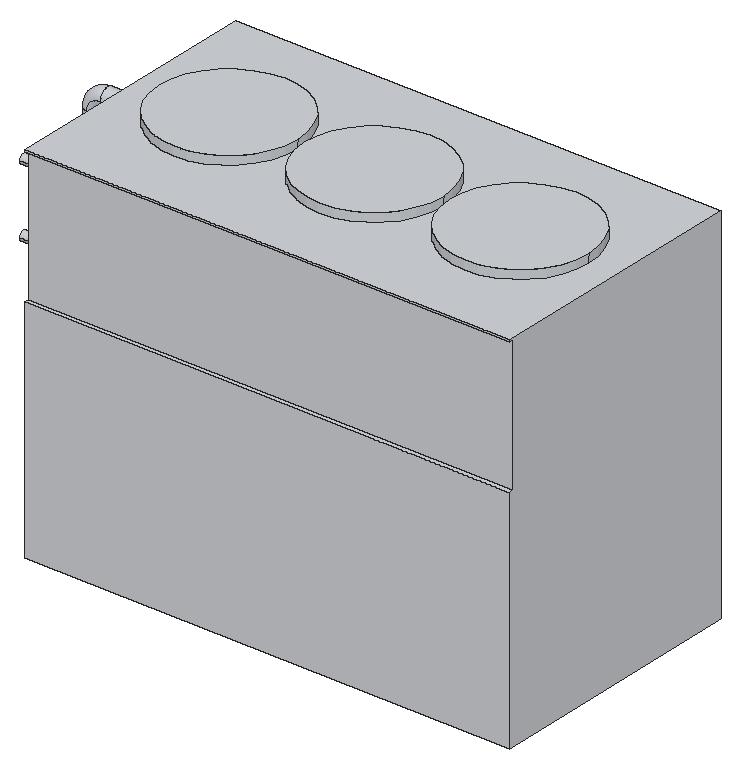
Revit family "M_Cooling Tower - Closed Circuit - Counterflow - 67-189 kW", category Mechanical Equipment, Revit 2023
Family settings
  Round Connector Dimension = Use Radius
  Part Type = Normal
  Work Plane-Based = No
  Always vertical = Yes
  Cut with Voids When Loaded = No
  Maintain Annotation Orientation = No
  Shared = No
  Room Calculation Point = No
Parameters (values of type "177 kW")
  Voltage = 460 V
  Visible 2 = yes
  Visible 1 = no
  Tower Width = 2990 mm
  Tower Material = none
  Tower Length = 5500 mm
  Tower Height = 4250 mm
  Radius 2 = Tower Length / 7  # 785.714 mm
  Radius 1 = Tower Length / 5  # 1100 mm
  Make-up Water Pressure Drop [instance] = 0.0 Pa
  Default Elevation = 0 mm
  Cooling Water Pressure Drop [instance] = 448000.0 Pa
  Number of Poles = 3
  Number of Fans = 3
  Motor HP = 67.5
  Make-up Water Radius = 25 mm
  Make-up Water Flow [instance] = 0.05 * Cooling Water Flow / 100  # 0.0325 L/s
  Length 2 = 530 mm
  Length 1 = 630 mm
  Height 1 = 2600 mm
  Heat Loss [instance] = 177000 W
  Fan Air Flow [instance] = 51300.0 L/s
  Drain Radius = 50 mm
  Distance 2 = 780 mm
  Distance 1 = 1450 mm
  Cooling Water Radius = Cooling Water Diameter / 2  # 50 mm
  Cooling Water Flow [instance] = 65.0 L/s
  Cooling Water Diameter = 100 mm
  C6 Offset 2 = 95 mm
  C6 Offset 1 = 600 mm
  C5 Offset 2 = 790 mm
  C5 Offset 1 = 1270 mm
  C4 Offset 2 = 120 mm
  C1 Offset 1 = 770 mm
  Assembly Code = ""
  Apparent Load = 42300 VA
Reference planes
  plane 1 "Center (Front/Back)": y = 0
  plane 2: z = 0
  plane 3 "Center (Left/Right)": x = 0
  plane 4: x = 5500
  plane 5: y = 2990
  plane 6: x = -630
  plane 7 "2": x = -426.8
  plane 8 "1": y = 2786.8
  plane 9: z = 95
  plane 10: z = 4250
  plane 11: z = 196.6
  plane 12: z = 349
  plane 13: z = 399.8
  plane 14: z = 653.8
  plane 15: z = 1009.4
  plane 16: x = -274.4
  plane 17: y = 50.8
  plane 18: z = 2600
  plane 19: z = 4126.175
  plane 20: z = 4151.575
  plane 21: y = 1720
  plane 22 "3": y = 1516.8
  plane 23: y = 1669.2
  plane 24: z = 526.8
  plane 25: z = 679.2
  plane 26: z = 4024.575
  plane 27: z = 3922.975
  plane 28: z = 3770.575
  plane 29: z = 2720
  plane 30: z = 3500
  plane 31: y = 2220
  plane 32: y = 770
  plane 33: z = 790
  plane 34: y = 2390
  plane 35: x = -50.8
  plane 36: x = 5373
  plane 37: x = 127
  plane 38: z = 2473
  plane 39: z = 127
  plane 40: z = 2137.857
  plane 41: z = 1802.714
  plane 42: z = 1467.571
  plane 43: z = 1132.429
  plane 44: z = 797.286
  plane 45: z = 462.143
  plane 46: x = 1100
  plane 47: x = 2200
  plane 48: x = 3300
  plane 49: x = 4400
  plane 50: y = 1520.4
  plane 51: x = 1375
  plane 52: x = 2750
  plane 53: x = 4125
Forms (mm)
  Sweep 1, solid, material <- "Tower Material", detail levels medium+fine
    path in 3D
      loop
        arc (-426.8, 2786.8, 349) -> (-382.163, 2786.8, 241.237) -> (-274.4, 2786.8, 196.6) r 152.4
        line (-274.4, 2786.8, 196.6) -> (0, 2786.8, 196.6)
    profile origin (-137.2, 2786.8, 196.6) x (0, 0, -1) y (0, 1, 0)
      loop
        circle (0, 0) r 101.6
  Extrusion 2, solid, material <- "Tower Material"
    sketch origin (0, 0, 0) x (0, 1, 0) y (0, 0, 1)
      loop
        line (2990, 4151.575) -> (0, 4151.575) -> (0, 4126.175) -> (50.8, 4126.175) -> (50.8, 2600) -> (0, 2600) -> (0, 0) -> (2990, 0) -> (2990, 4151.575)
    from 5500 to 0
  Extrusion 3, solid, material <- "Tower Material", detail levels medium+fine
    sketch origin (0, 0, 0) x (1, 0, 0) y (0, 1, 0)
      loop
        circle (-426.8, 2786.8) r 203.2
    from 399.8 to 653.8
  Extrusion 4, solid, material <- "Tower Material", detail levels medium+fine
    sketch origin (0, 0, 0) x (1, 0, 0) y (0, 1, 0)
      loop
        circle (-426.8, 2786.8) r 152.4
    from 349 to 1009.4
  Sweep 5, solid, material <- "Tower Material", detail levels medium+fine
    path in 3D
      loop
        line (-426.8, 2786.8, 526.8) -> (-426.8, 1669.2, 526.8)
        arc (-426.8, 1669.2, 526.8) -> (-426.8, 1561.437, 571.437) -> (-426.8, 1516.8, 679.2) r 152.4
        line (-426.8, 1516.8, 679.2) -> (-426.8, 1516.8, 3770.575)
        arc (-426.8, 1516.8, 3770.575) -> (-382.163, 1516.8, 3878.338) -> (-274.4, 1516.8, 3922.975) r 152.4
        line (-274.4, 1516.8, 3922.975) -> (0, 1516.8, 3922.975)
    profile origin (-426.8, 2228, 526.8) x (0, 0, -1) y (1, 0, 0)
      loop
        circle (0, 0) r 101.6
  Extrusion 6, solid, material <- "Tower Material"
    sketch origin (-426.8, 0, 0) x (0, 1, 0) y (0, 0, 1)
      loop
        circle (2220, 3500) r 50
      loop
        circle (770, 3500) r 50
      loop
        circle (770, 2720) r 50
      loop
        circle (2220, 2720) r 50
    from -203.2 to 426.8
  Extrusion 7, solid, material <- "Tower Material"
    sketch origin (-426.8, 0, 0) x (0, 1, 0) y (0, 0, 1)
      loop
        circle (2220, 1009.4) r 228.6
      loop
        circle (1720, 790) r 25
      loop
        circle (2390, 95) r 50
    from 376 to 426.8
  Extrusion 8, solid, material <- "Tower Material", visible <- "Visible 2"
    sketch origin (0, 0, 0) x (1, 0, 0) y (0, 1, 0)
      loop
        circle (4400, 1520.4) r 785.714
      loop
        circle (2750, 1520.4) r 785.714
      loop
        circle (1100, 1520.4) r 785.714
    from 4151.575 to 4250
  Extrusion 9, solid, material <- "Tower Material", visible <- "Visible 1"
    sketch origin (0, 0, 0) x (1, 0, 0) y (0, 1, 0)
      loop
        circle (1375, 1520.4) r 1100
      loop
        circle (4125, 1520.4) r 1100
    from 4151.575 to 4250
Cuts and joins
  joined: Sweep 1, Extrusion 3, Extrusion 4, Sweep 5
  joined: Extrusion 2, Extrusion 6, Extrusion 7
Lines and regions (mm)
  reference lines
    curve 1: arc (-426.8, 2786.8, 349) -> (-382.163, 2786.8, 241.237) -> (-274.4, 2786.8, 196.6) r 152.4
    curve 2: line (-274.4, 2786.8, 196.6) -> (0, 2786.8, 196.6)
    curve 5: line (-426.8, 2786.8, 526.8) -> (-426.8, 1669.2, 526.8)
    curve 6: arc (-426.8, 1669.2, 526.8) -> (-426.8, 1561.437, 571.437) -> (-426.8, 1516.8, 679.2) r 152.4
    curve 7: line (-426.8, 1516.8, 679.2) -> (-426.8, 1516.8, 3770.575)
    curve 8: arc (-426.8, 1516.8, 3770.575) -> (-382.163, 1516.8, 3878.338) -> (-274.4, 1516.8, 3922.975) r 152.4
    curve 9: line (-274.4, 1516.8, 3922.975) -> (0, 1516.8, 3922.975)
  sketch lines
    curve 3: line (-274.4, 2786.8, 196.6) -> (0, 2786.8, 196.6)
    curve 4: arc (-426.8, 2786.8, 349) -> (-382.163, 2786.8, 241.237) -> (-274.4, 2786.8, 196.6) r 152.4
    curve 10: line (-426.8, 2786.8, 526.8) -> (-426.8, 1669.2, 526.8)
    curve 11: arc (-426.8, 1669.2, 526.8) -> (-426.8, 1561.437, 571.437) -> (-426.8, 1516.8, 679.2) r 152.4
    curve 12: line (-426.8, 1516.8, 679.2) -> (-426.8, 1516.8, 3770.575)
    curve 13: arc (-426.8, 1516.8, 3770.575) -> (-382.163, 1516.8, 3878.338) -> (-274.4, 1516.8, 3922.975) r 152.4
    curve 14: line (-274.4, 1516.8, 3922.975) -> (0, 1516.8, 3922.975)
  model lines, detail levels medium+fine
    curve 15: line (127, 0, 2473) -> (5373, 0, 2473)
    curve 16: line (127, 0, 127) -> (127, 0, 2473)
    curve 17: line (5373, 0, 127) -> (127, 0, 127)
    curve 18: line (5373, 0, 2473) -> (5373, 0, 127)
    curve 19: line (127, 0, 2137.857) -> (5373, 0, 2137.857)
    curve 20: line (5373, 0, 1802.714) -> (127, 0, 1802.714)
    curve 21: line (127, 0, 1467.571) -> (5373, 0, 1467.571)
    curve 22: line (5373, 0, 1132.429) -> (127, 0, 1132.429)
    curve 23: line (5373, 0, 797.286) -> (127, 0, 797.286)
    curve 24: line (5373, 0, 462.143) -> (127, 0, 462.143)
Dimensions and locks
  "Tower Length": plane 3 "Center (Left/Right)" to plane 4
  "Tower Width": plane 1 "Center (Front/Back)" to plane 5
  "Length 1": plane 6 to plane 3 "Center (Left/Right)"
  locked: plane 6 to plane 7 "2" at 203.2
  locked: plane 5 to plane 8 "1" at 203.2
  "C6 Offset 2": plane 9 to plane 2
  "Tower Height": plane 10 to plane 2
  locked: plane 11 to plane 9 at 101.6
  locked: plane 12 to plane 11 at 152.4
  locked: plane 13 to plane 12 at 50.8
  locked: plane 14 to plane 13 at 254
  locked: plane 15 to plane 14 at 355.6
  locked: plane 16 to plane 7 "2" at 152.4
  locked: plane 1 "Center (Front/Back)" to plane 17 at 50.8
  "Height 1": plane 18 to plane 2
  locked: plane 10 to plane 19 at 123.825
  locked: plane 20 to plane 19 at 25.4
  locked: plane 21 to plane 22 "3" at 203.2
  "C5 Offset 1": plane 5 to plane 21
  locked: plane 23 to plane 22 "3" at 152.4
  equal spacing: plane 14, plane 24, plane 13
  locked: plane 25 to plane 24 at 152.4
  locked: plane 19 to plane 26 at 101.6
  locked: plane 26 to plane 27 at 101.6
  locked: plane 26 to plane 28 at 254
  "C4 Offset 2": plane 29 to plane 18
  "Distance 2": plane 29 to plane 30
  "C1 Offset 1": plane 5 to plane 31
  "Distance 1": plane 31 to plane 32
  "C5 Offset 2": plane 33 to plane 2
  "C6 Offset 1": plane 5 to plane 34
  locked: plane 35 to plane 3 "Center (Left/Right)" at 50.8
  locked: plane 39 to plane 2 at 127
  locked: plane 18 to plane 38 at 127
  locked: plane 4 to plane 36 at 127
  locked: plane 37 to plane 3 "Center (Left/Right)" at 127
  equal spacing: plane 38, plane 40, plane 41, plane 42, plane 43, plane 44, plane 45, plane 39
  equal spacing: plane 3 "Center (Left/Right)", plane 46, plane 47, plane 48, plane 49, plane 4
  equal spacing: plane 5, plane 50, plane 17
  equal spacing: plane 3 "Center (Left/Right)", plane 51, plane 52, plane 53, plane 4
  radius of Sweep 1 sketch curve = 101.6 mm
  radius of Extrusion 3 sketch curve = 203.2 mm
  radius of Extrusion 4 sketch curve = 152.4 mm
  radius of curve 6 = 152.4 mm
  radius of curve 8 = 152.4 mm
  radius of Sweep 5 sketch curve = 101.6 mm
  "Cooling Water Radius": radius of Extrusion 6 sketch curve  (x4)
  radius of Extrusion 7 sketch curve = 228.6 mm
  "Make-up Water Radius": radius of Extrusion 7 sketch curve
  "Drain Radius": radius of Extrusion 7 sketch curve
  "Radius 2": radius of Extrusion 8 sketch curve  (x3)
  "Radius 1": radius of Extrusion 9 sketch curve  (x2)
  aligned and locked: plane 20 to Extrusion 2 sketch curve
  aligned and locked: plane 1 "Center (Front/Back)" to Extrusion 2 sketch curve  (x2)
  aligned and locked: Extrusion 2 sketch curve to plane 19
  aligned and locked: plane 17 to Extrusion 2 sketch curve
  aligned and locked: plane 18 to Extrusion 2 sketch curve
  aligned and locked: Extrusion 2 sketch curve to plane 2
  aligned and locked: Extrusion 2 sketch curve to plane 5
  aligned and locked: plane 4 to Extrusion 2
  aligned and locked: Extrusion 2 to plane 3 "Center (Left/Right)"
  aligned and locked: plane 7 "2" to Extrusion 3 sketch curve
  aligned and locked: plane 8 "1" to Extrusion 3 sketch curve
  aligned and locked: plane 13 to Extrusion 3
  aligned and locked: plane 14 to Extrusion 3
  aligned and locked: plane 7 "2" to Extrusion 4 sketch curve
  aligned and locked: plane 8 "1" to Extrusion 4 sketch curve
  aligned and locked: plane 15 to Extrusion 4
  aligned and locked: Extrusion 4 to plane 12
  aligned and locked: plane 23 to curve 6
  aligned and locked: plane 25 to curve 6
  aligned and locked: plane 16 to curve 8
  aligned and locked: plane 28 to curve 8
  aligned and locked: plane 32 to Extrusion 6 sketch curve  (x2)
  aligned and locked: plane 29 to Extrusion 6 sketch curve  (x2)
  aligned and locked: plane 30 to Extrusion 6 sketch curve  (x2)
  aligned and locked: plane 31 to Extrusion 6 sketch curve  (x2)
  aligned and locked: plane 3 "Center (Left/Right)" to Extrusion 6
  aligned and locked: Extrusion 6 to plane 6
  aligned and locked: plane 34 to Extrusion 7 sketch curve
  aligned and locked: plane 9 to Extrusion 7 sketch curve
  aligned and locked: plane 21 to Extrusion 7 sketch curve
  aligned and locked: plane 33 to Extrusion 7 sketch curve
  aligned and locked: plane 15 to Extrusion 7 sketch curve
  aligned and locked: Extrusion 7 sketch curve to plane 31
  aligned and locked: plane 3 "Center (Left/Right)" to Extrusion 7
  aligned and locked: Extrusion 7 to plane 35
  aligned and locked: plane 37 to curve 15
  aligned and locked: curve 15 to plane 38
  aligned and locked: curve 18 to plane 39
  aligned and locked: curve 18 to plane 36
  aligned and locked: plane 49 to Extrusion 8 sketch curve
  aligned and locked: plane 50 to Extrusion 8 sketch curve  (x3)
  aligned and locked: plane 52 to Extrusion 8 sketch curve
  aligned and locked: plane 46 to Extrusion 8 sketch curve
  aligned and locked: plane 51 to Extrusion 9 sketch curve
  aligned and locked: plane 50 to Extrusion 9 sketch curve  (x2)
  aligned and locked: plane 53 to Extrusion 9 sketch curve
  aligned and locked: Extrusion 9 to plane 10
  aligned and locked: Extrusion 9 to plane 20
  aligned and locked: Extrusion 8 to plane 10
  aligned and locked: Extrusion 8 to plane 20
Automatic sketch dimensions
  curve 2 to plane 3 "Center (Left/Right)" = 0 mm
  curve 1 to plane 11 = 0 mm
  curve 1 to plane 16 = 0 mm
  curve 1 to plane 7 "2" = 0 mm
  Sweep 1 sketch curve to profile plane = 0 mm  (x2)
  curve 5 to plane 8 "1" = 0 mm
  curve 7 to plane 28 = 0 mm
  curve 9 to plane 3 "Center (Left/Right)" = 0 mm
  Sweep 5 sketch curve to profile plane = 0 mm  (x2)
  curve 24 to plane 45 = 0 mm
  curve 23 to plane 44 = 0 mm
  curve 22 to plane 43 = 0 mm
  curve 21 to plane 42 = 0 mm
  curve 20 to plane 41 = 0 mm
  curve 19 to plane 40 = 0 mm
Connectors
  piping at (-630, 2220, 3500), diameter 100, driven by "Cooling Water Radius", driven by "Cooling Water Pressure Drop", driven by "Cooling Water Flow"
    settings: on Extrusion 6, index 1, connector inside diameter 100 mm, connector length 0 mm, flow factor 0, pipe flow 65.0 L/s, pressure drop 448000.0 Pa, fitting loss kfactor 0, connector angle 0.00°, fixture units 0, engagement length 0 mm, angle of deflection 0.00°, flow configuration 0, flow direction 2, fitting loss method 4, system type 7, joint type 0, gender type 0, connector reference index 3, connector utility 0, adjustable connector no, is connector primary yes, connector description "Cooling Water Supply Out"
  piping at (-630, 770, 3500), diameter 100, driven by "Cooling Water Radius", driven by "Cooling Water Pressure Drop", driven by "Cooling Water Flow"
    settings: on Extrusion 6, index 2, connector inside diameter 100 mm, connector length 0 mm, flow factor 0, pipe flow 65.0 L/s, pressure drop 448000.0 Pa, fitting loss kfactor 0, connector angle 0.00°, fixture units 0, engagement length 0 mm, angle of deflection 0.00°, flow configuration 0, flow direction 2, fitting loss method 4, system type 7, joint type 0, gender type 0, connector reference index 4, connector utility 0, adjustable connector no, is connector primary no, connector description "Cooling Water Supply Out"
  piping at (-630, 2220, 2720), diameter 100, driven by "Cooling Water Radius", driven by "Cooling Water Flow"
    settings: on Extrusion 6, index 3, connector inside diameter 100 mm, connector length 0 mm, flow factor 0, pipe flow 65.0 L/s, pressure drop 0.0 Pa, fitting loss kfactor 0, connector angle 0.00°, fixture units 0, engagement length 0 mm, angle of deflection 0.00°, flow configuration 0, flow direction 1, fitting loss method 0, system type 8, joint type 0, gender type 0, connector reference index 1, connector utility 0, adjustable connector no, is connector primary no, connector description "Cooling Water Supply In"
  piping at (-630, 770, 2720), diameter 100, driven by "Cooling Water Radius", driven by "Cooling Water Flow"
    settings: on Extrusion 6, index 4, connector inside diameter 100 mm, connector length 0 mm, flow factor 0, pipe flow 65.0 L/s, pressure drop 0.0 Pa, fitting loss kfactor 0, connector angle 0.00°, fixture units 0, engagement length 0 mm, angle of deflection 0.00°, flow configuration 0, flow direction 1, fitting loss method 0, system type 8, joint type 0, gender type 0, connector reference index 2, connector utility 0, adjustable connector no, is connector primary no, connector description "Cooling Water Supply In"
  piping at (-50.8, 1720, 790), diameter 50, driven by "Make-up Water Radius", driven by "Make-up Water Flow", driven by "Make-up Water Pressure Drop"
    settings: on Extrusion 7, index 5, connector inside diameter 50 mm, connector length 0 mm, flow factor 0, pipe flow 0.0325 L/s, pressure drop 0.0 Pa, fitting loss kfactor 0, connector angle 0.00°, fixture units 0, engagement length 0 mm, angle of deflection 0.00°, flow configuration 1, flow direction 1, fitting loss method 4, system type 7, joint type 0, gender type 0, connector reference index -1, connector utility 0, adjustable connector no, is connector primary no, connector description "Make-up Water In"
  piping at (-50.8, 2390, 95), diameter 100, driven by "Drain Radius"
    settings: on Extrusion 7, index 6, connector inside diameter 100 mm, connector length 0 mm, flow factor 0, pipe flow 0.0 L/s, pressure drop 0.0 Pa, fitting loss kfactor 0, connector angle 0.00°, fixture units 0, engagement length 0 mm, angle of deflection 0.00°, flow configuration 1, flow direction 2, fitting loss method 0, system type 16, joint type 0, gender type 0, connector reference index -1, connector utility 0, adjustable connector yes, is connector primary no, connector description "Drain Out"
  electrical at (-426.8, 2786.8, 1009.4), driven by "Apparent Load", driven by "Voltage", driven by "Number of Poles"
    settings: on cut or joined group of Sweep 1, Extrusion 3, Extrusion 4, Sweep 5, index 7, voltage 460 V, apparent load 42300 VA, apparent load phase1 0 VA, apparent load phase2 0 VA, apparent load phase3 0 VA, power factor 0.8, load classification "Cooling", number of poles 3, system type 30, power factor state 1, is connector primary yes, connector utility no, sub classification motor no, connector description "Fan Power"
